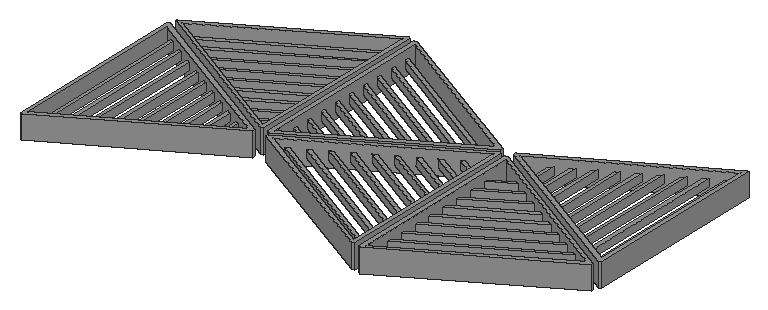
Revit family "CLD-FMD-004_RTV", category Modelos genéricos, Revit 2022 (continued)
Forms (in)
  Extrusion 309, solid, not visible
    sketch origin (-26.63338, 0.00149, -1.20924) x (0, 1, 0) y (0, 0, -1)
      loop
        line (0.96881, 1.14538) -> (0.96881, -1.85462) -> (0.65631, -1.85462) -> (0.65631, -2.35462) -> (0.96881, -2.35462) -> (3.48948, -2.35462) -> (3.48948, -0.60462) -> (4.19814, -0.60462) -> (4.19814, -2.35462) -> (9.23948, -2.35462) -> (9.23948, -0.60462) -> (9.94814, -0.60462) -> (9.94814, -2.35462) -> (14.98948, -2.35462) -> (14.98948, -0.60462) -> (15.69814, -0.60462) -> (15.69814, -2.35462) -> (20.73948, -2.35462) -> (20.73948, -0.60462) -> (21.44814, -0.60462) -> (21.44814, -2.35462) -> (24.28131, -2.35462) -> (24.28131, -1.85462) -> (23.96881, -1.85462) -> (23.96881, 1.14538) -> (0.96881, 1.14538)
    from -3.96341 to -3.49097
  Extrusion 310, solid, not visible
    sketch origin (-44, 0, 0) x (1, 0, 0) y (0, 0, 1)
      loop
        line (0.96881, 0.64538) -> (0.96881, -2.35462) -> (3.48948, -2.35462) -> (3.48948, -0.60462) -> (4.19814, -0.60462) -> (4.19814, -2.35462) -> (9.23948, -2.35462) -> (9.23948, -0.60462) -> (9.94814, -0.60462) -> (9.94814, -2.35462) -> (14.98948, -2.35462) -> (14.98948, -0.60462) -> (15.69814, -0.60462) -> (15.69814, -2.35462) -> (20.73948, -2.35462) -> (20.73948, -0.60462) -> (21.44814, -0.60462) -> (21.44814, -2.35462) -> (23.96881, -2.35462) -> (23.96881, 0.64538) -> (24.28131, 0.64538) -> (24.28131, 1.14538) -> (0.65631, 1.14538) -> (0.65631, 0.64538) -> (0.96881, 0.64538)
    from -3.60908 to -3.49097
  Extrusion 311, solid, not visible
    sketch origin (-44, 0, 0) x (1, 0, 0) y (0, 0, 1)
      loop
        line (0.96881, 0.64538) -> (0.96881, -2.35462) -> (3.48948, -2.35462) -> (3.48948, -0.60462) -> (4.19814, -0.60462) -> (4.19814, -2.35462) -> (9.23948, -2.35462) -> (9.23948, -0.60462) -> (9.94814, -0.60462) -> (9.94814, -2.35462) -> (14.98948, -2.35462) -> (14.98948, -0.60462) -> (15.69814, -0.60462) -> (15.69814, -2.35462) -> (20.73948, -2.35462) -> (20.73948, -0.60462) -> (21.44814, -0.60462) -> (21.44814, -2.35462) -> (23.96881, -2.35462) -> (23.96881, 0.64538) -> (24.28131, 0.64538) -> (24.28131, 1.14538) -> (0.65631, 1.14538) -> (0.65631, 0.64538) -> (0.96881, 0.64538)
    from -4.08152 to -3.60908
  Extrusion 312, solid, not visible
    sketch origin (-44, 0, 0) x (1, 0, 0) y (0, 0, 1)
      loop
        line (0.96881, 0.64538) -> (0.96881, -2.35462) -> (3.48948, -2.35462) -> (3.48948, -0.60462) -> (4.19814, -0.60462) -> (4.19814, -2.35462) -> (9.23948, -2.35462) -> (9.23948, -0.60462) -> (9.94814, -0.60462) -> (9.94814, -2.35462) -> (14.98948, -2.35462) -> (14.98948, -0.60462) -> (15.69814, -0.60462) -> (15.69814, -2.35462) -> (20.73948, -2.35462) -> (20.73948, -0.60462) -> (21.44814, -0.60462) -> (21.44814, -2.35462) -> (23.96881, -2.35462) -> (23.96881, 0.64538) -> (24.28131, 0.64538) -> (24.28131, 1.14538) -> (0.65631, 1.14538) -> (0.65631, 0.64538) -> (0.96881, 0.64538)
    from -4.19963 to -4.08152
  Extrusion 313, solid, not visible
    sketch origin (-44.00149, 0.00149, -1.20924) x (0, 1, 0) y (0, 0, -1)
      loop
        line (0.96881, 1.14538) -> (0.96881, -1.85462) -> (0.65631, -1.85462) -> (0.65631, -2.35462) -> (0.96881, -2.35462) -> (3.48948, -2.35462) -> (3.48948, -0.60462) -> (4.19814, -0.60462) -> (4.19814, -2.35462) -> (9.23948, -2.35462) -> (9.23948, -0.60462) -> (9.94814, -0.60462) -> (9.94814, -2.35462) -> (14.98948, -2.35462) -> (14.98948, -0.60462) -> (15.69814, -0.60462) -> (15.69814, -2.35462) -> (20.73948, -2.35462) -> (20.73948, -0.60462) -> (21.44814, -0.60462) -> (21.44814, -2.35462) -> (24.28131, -2.35462) -> (24.28131, -1.85462) -> (23.96881, -1.85462) -> (23.96881, 1.14538) -> (0.96881, 1.14538)
    from -3.60908 to -3.49097
  Extrusion 314, solid, not visible
    sketch origin (-43.88338, 0.00149, -1.20924) x (0, 1, 0) y (0, 0, -1)
      loop
        line (0.96881, 1.14538) -> (0.96881, -1.85462) -> (0.65631, -1.85462) -> (0.65631, -2.35462) -> (0.96881, -2.35462) -> (3.48948, -2.35462) -> (3.48948, -0.60462) -> (4.19814, -0.60462) -> (4.19814, -2.35462) -> (9.23948, -2.35462) -> (9.23948, -0.60462) -> (9.94814, -0.60462) -> (9.94814, -2.35462) -> (14.98948, -2.35462) -> (14.98948, -0.60462) -> (15.69814, -0.60462) -> (15.69814, -2.35462) -> (20.73948, -2.35462) -> (20.73948, -0.60462) -> (21.44814, -0.60462) -> (21.44814, -2.35462) -> (24.28131, -2.35462) -> (24.28131, -1.85462) -> (23.96881, -1.85462) -> (23.96881, 1.14538) -> (0.96881, 1.14538)
    from -3.96341 to -3.49097
  Extrusion 315, solid, not visible
    sketch origin (-44.00149, 0.00149, -1.20924) x (0, 1, 0) y (0, 0, -1)
      loop
        line (0.96881, 1.14538) -> (0.96881, -1.85462) -> (0.65631, -1.85462) -> (0.65631, -2.35462) -> (0.96881, -2.35462) -> (3.48948, -2.35462) -> (3.48948, -0.60462) -> (4.19814, -0.60462) -> (4.19814, -2.35462) -> (9.23948, -2.35462) -> (9.23948, -0.60462) -> (9.94814, -0.60462) -> (9.94814, -2.35462) -> (14.98948, -2.35462) -> (14.98948, -0.60462) -> (15.69814, -0.60462) -> (15.69814, -2.35462) -> (20.73948, -2.35462) -> (20.73948, -0.60462) -> (21.44814, -0.60462) -> (21.44814, -2.35462) -> (24.28131, -2.35462) -> (24.28131, -1.85462) -> (23.96881, -1.85462) -> (23.96881, 1.14538) -> (0.96881, 1.14538)
    from -4.19963 to -4.08152
  Extrusion 316, solid, not visible
    sketch origin (-44, 0, 0) x (1, 0, 0) y (0, 0, 1)
      loop
        line (0.96881, 0.64538) -> (0.96881, -2.35462) -> (3.48948, -2.35462) -> (3.48948, -0.60462) -> (4.19814, -0.60462) -> (4.19814, -2.35462) -> (9.23948, -2.35462) -> (9.23948, -0.60462) -> (9.94814, -0.60462) -> (9.94814, -2.35462) -> (14.98948, -2.35462) -> (14.98948, -0.60462) -> (15.69814, -0.60462) -> (15.69814, -2.35462) -> (20.73948, -2.35462) -> (20.73948, -0.60462) -> (21.44814, -0.60462) -> (21.44814, -2.35462) -> (23.96881, -2.35462) -> (23.96881, 0.64538) -> (24.28131, 0.64538) -> (24.28131, 1.14538) -> (0.65631, 1.14538) -> (0.65631, 0.64538) -> (0.96881, 0.64538)
    from -9.94963 to -9.83152
  Extrusion 317, solid, not visible
    sketch origin (-44, 0, 0) x (1, 0, 0) y (0, 0, 1)
      loop
        line (0.96881, 0.64538) -> (0.96881, -2.35462) -> (3.48948, -2.35462) -> (3.48948, -0.60462) -> (4.19814, -0.60462) -> (4.19814, -2.35462) -> (9.23948, -2.35462) -> (9.23948, -0.60462) -> (9.94814, -0.60462) -> (9.94814, -2.35462) -> (14.98948, -2.35462) -> (14.98948, -0.60462) -> (15.69814, -0.60462) -> (15.69814, -2.35462) -> (20.73948, -2.35462) -> (20.73948, -0.60462) -> (21.44814, -0.60462) -> (21.44814, -2.35462) -> (23.96881, -2.35462) -> (23.96881, 0.64538) -> (24.28131, 0.64538) -> (24.28131, 1.14538) -> (0.65631, 1.14538) -> (0.65631, 0.64538) -> (0.96881, 0.64538)
    from -9.35908 to -9.24097
  Extrusion 318, solid, not visible
    sketch origin (-44, 0, 0) x (1, 0, 0) y (0, 0, 1)
      loop
        line (0.96881, 0.64538) -> (0.96881, -2.35462) -> (3.48948, -2.35462) -> (3.48948, -0.60462) -> (4.19814, -0.60462) -> (4.19814, -2.35462) -> (9.23948, -2.35462) -> (9.23948, -0.60462) -> (9.94814, -0.60462) -> (9.94814, -2.35462) -> (14.98948, -2.35462) -> (14.98948, -0.60462) -> (15.69814, -0.60462) -> (15.69814, -2.35462) -> (20.73948, -2.35462) -> (20.73948, -0.60462) -> (21.44814, -0.60462) -> (21.44814, -2.35462) -> (23.96881, -2.35462) -> (23.96881, 0.64538) -> (24.28131, 0.64538) -> (24.28131, 1.14538) -> (0.65631, 1.14538) -> (0.65631, 0.64538) -> (0.96881, 0.64538)
    from -9.83152 to -9.35908
  Extrusion 319, solid, not visible
    sketch origin (-44, 0, 0) x (1, 0, 0) y (0, 0, 1)
      loop
        line (0.96881, 0.64538) -> (0.96881, -2.35462) -> (3.48948, -2.35462) -> (3.48948, -0.60462) -> (4.19814, -0.60462) -> (4.19814, -2.35462) -> (9.23948, -2.35462) -> (9.23948, -0.60462) -> (9.94814, -0.60462) -> (9.94814, -2.35462) -> (14.98948, -2.35462) -> (14.98948, -0.60462) -> (15.69814, -0.60462) -> (15.69814, -2.35462) -> (20.73948, -2.35462) -> (20.73948, -0.60462) -> (21.44814, -0.60462) -> (21.44814, -2.35462) -> (23.96881, -2.35462) -> (23.96881, 0.64538) -> (24.28131, 0.64538) -> (24.28131, 1.14538) -> (0.65631, 1.14538) -> (0.65631, 0.64538) -> (0.96881, 0.64538)
    from -15.69963 to -15.58152
  Extrusion 320, solid, not visible
    sketch origin (-44, 0, 0) x (1, 0, 0) y (0, 0, 1)
      loop
        line (0.96881, 0.64538) -> (0.96881, -2.35462) -> (3.48948, -2.35462) -> (3.48948, -0.60462) -> (4.19814, -0.60462) -> (4.19814, -2.35462) -> (9.23948, -2.35462) -> (9.23948, -0.60462) -> (9.94814, -0.60462) -> (9.94814, -2.35462) -> (14.98948, -2.35462) -> (14.98948, -0.60462) -> (15.69814, -0.60462) -> (15.69814, -2.35462) -> (20.73948, -2.35462) -> (20.73948, -0.60462) -> (21.44814, -0.60462) -> (21.44814, -2.35462) -> (23.96881, -2.35462) -> (23.96881, 0.64538) -> (24.28131, 0.64538) -> (24.28131, 1.14538) -> (0.65631, 1.14538) -> (0.65631, 0.64538) -> (0.96881, 0.64538)
    from -15.10908 to -14.99097
  Extrusion 321, solid, not visible
    sketch origin (-44, 0, 0) x (1, 0, 0) y (0, 0, 1)
      loop
        line (0.96881, 0.64538) -> (0.96881, -2.35462) -> (3.48948, -2.35462) -> (3.48948, -0.60462) -> (4.19814, -0.60462) -> (4.19814, -2.35462) -> (9.23948, -2.35462) -> (9.23948, -0.60462) -> (9.94814, -0.60462) -> (9.94814, -2.35462) -> (14.98948, -2.35462) -> (14.98948, -0.60462) -> (15.69814, -0.60462) -> (15.69814, -2.35462) -> (20.73948, -2.35462) -> (20.73948, -0.60462) -> (21.44814, -0.60462) -> (21.44814, -2.35462) -> (23.96881, -2.35462) -> (23.96881, 0.64538) -> (24.28131, 0.64538) -> (24.28131, 1.14538) -> (0.65631, 1.14538) -> (0.65631, 0.64538) -> (0.96881, 0.64538)
    from -15.58152 to -15.10908
  Extrusion 322, solid, not visible
    sketch origin (-44, 0, 0) x (1, 0, 0) y (0, 0, 1)
      loop
        line (0.96881, 0.64538) -> (0.96881, -2.35462) -> (3.48948, -2.35462) -> (3.48948, -0.60462) -> (4.19814, -0.60462) -> (4.19814, -2.35462) -> (9.23948, -2.35462) -> (9.23948, -0.60462) -> (9.94814, -0.60462) -> (9.94814, -2.35462) -> (14.98948, -2.35462) -> (14.98948, -0.60462) -> (15.69814, -0.60462) -> (15.69814, -2.35462) -> (20.73948, -2.35462) -> (20.73948, -0.60462) -> (21.44814, -0.60462) -> (21.44814, -2.35462) -> (23.96881, -2.35462) -> (23.96881, 0.64538) -> (24.28131, 0.64538) -> (24.28131, 1.14538) -> (0.65631, 1.14538) -> (0.65631, 0.64538) -> (0.96881, 0.64538)
    from -21.44963 to -21.33152
  Extrusion 323, solid, not visible
    sketch origin (-44, 0, 0) x (1, 0, 0) y (0, 0, 1)
      loop
        line (0.96881, 0.64538) -> (0.96881, -2.35462) -> (3.48948, -2.35462) -> (3.48948, -0.60462) -> (4.19814, -0.60462) -> (4.19814, -2.35462) -> (9.23948, -2.35462) -> (9.23948, -0.60462) -> (9.94814, -0.60462) -> (9.94814, -2.35462) -> (14.98948, -2.35462) -> (14.98948, -0.60462) -> (15.69814, -0.60462) -> (15.69814, -2.35462) -> (20.73948, -2.35462) -> (20.73948, -0.60462) -> (21.44814, -0.60462) -> (21.44814, -2.35462) -> (23.96881, -2.35462) -> (23.96881, 0.64538) -> (24.28131, 0.64538) -> (24.28131, 1.14538) -> (0.65631, 1.14538) -> (0.65631, 0.64538) -> (0.96881, 0.64538)
    from -20.85908 to -20.74097
  Extrusion 324, solid, not visible
    sketch origin (-44, 0, 0) x (1, 0, 0) y (0, 0, 1)
      loop
        line (0.96881, 0.64538) -> (0.96881, -2.35462) -> (3.48948, -2.35462) -> (3.48948, -0.60462) -> (4.19814, -0.60462) -> (4.19814, -2.35462) -> (9.23948, -2.35462) -> (9.23948, -0.60462) -> (9.94814, -0.60462) -> (9.94814, -2.35462) -> (14.98948, -2.35462) -> (14.98948, -0.60462) -> (15.69814, -0.60462) -> (15.69814, -2.35462) -> (20.73948, -2.35462) -> (20.73948, -0.60462) -> (21.44814, -0.60462) -> (21.44814, -2.35462) -> (23.96881, -2.35462) -> (23.96881, 0.64538) -> (24.28131, 0.64538) -> (24.28131, 1.14538) -> (0.65631, 1.14538) -> (0.65631, 0.64538) -> (0.96881, 0.64538)
    from -21.33152 to -20.85908
  Extrusion 325, solid, not visible
    sketch origin (-38.25149, 0.00149, -1.20924) x (0, 1, 0) y (0, 0, -1)
      loop
        line (0.96881, 1.14538) -> (0.96881, -1.85462) -> (0.65631, -1.85462) -> (0.65631, -2.35462) -> (0.96881, -2.35462) -> (3.48948, -2.35462) -> (3.48948, -0.60462) -> (4.19814, -0.60462) -> (4.19814, -2.35462) -> (9.23948, -2.35462) -> (9.23948, -0.60462) -> (9.94814, -0.60462) -> (9.94814, -2.35462) -> (14.98948, -2.35462) -> (14.98948, -0.60462) -> (15.69814, -0.60462) -> (15.69814, -2.35462) -> (20.73948, -2.35462) -> (20.73948, -0.60462) -> (21.44814, -0.60462) -> (21.44814, -2.35462) -> (24.28131, -2.35462) -> (24.28131, -1.85462) -> (23.96881, -1.85462) -> (23.96881, 1.14538) -> (0.96881, 1.14538)
    from -4.19963 to -4.08152
  Extrusion 326, solid, not visible
    sketch origin (-38.84204, 0.00149, -1.20924) x (0, 1, 0) y (0, 0, -1)
      loop
        line (0.96881, 1.14538) -> (0.96881, -1.85462) -> (0.65631, -1.85462) -> (0.65631, -2.35462) -> (0.96881, -2.35462) -> (3.48948, -2.35462) -> (3.48948, -0.60462) -> (4.19814, -0.60462) -> (4.19814, -2.35462) -> (9.23948, -2.35462) -> (9.23948, -0.60462) -> (9.94814, -0.60462) -> (9.94814, -2.35462) -> (14.98948, -2.35462) -> (14.98948, -0.60462) -> (15.69814, -0.60462) -> (15.69814, -2.35462) -> (20.73948, -2.35462) -> (20.73948, -0.60462) -> (21.44814, -0.60462) -> (21.44814, -2.35462) -> (24.28131, -2.35462) -> (24.28131, -1.85462) -> (23.96881, -1.85462) -> (23.96881, 1.14538) -> (0.96881, 1.14538)
    from -4.19963 to -4.08152
  Extrusion 327, solid, not visible
    sketch origin (-32.50149, 0.00149, -1.20924) x (0, 1, 0) y (0, 0, -1)
      loop
        line (0.96881, 1.14538) -> (0.96881, -1.85462) -> (0.65631, -1.85462) -> (0.65631, -2.35462) -> (0.96881, -2.35462) -> (3.48948, -2.35462) -> (3.48948, -0.60462) -> (4.19814, -0.60462) -> (4.19814, -2.35462) -> (9.23948, -2.35462) -> (9.23948, -0.60462) -> (9.94814, -0.60462) -> (9.94814, -2.35462) -> (14.98948, -2.35462) -> (14.98948, -0.60462) -> (15.69814, -0.60462) -> (15.69814, -2.35462) -> (20.73948, -2.35462) -> (20.73948, -0.60462) -> (21.44814, -0.60462) -> (21.44814, -2.35462) -> (24.28131, -2.35462) -> (24.28131, -1.85462) -> (23.96881, -1.85462) -> (23.96881, 1.14538) -> (0.96881, 1.14538)
    from -4.19963 to -4.08152
  Extrusion 328, solid, not visible
    sketch origin (-33.09204, 0.00149, -1.20924) x (0, 1, 0) y (0, 0, -1)
      loop
        line (0.96881, 1.14538) -> (0.96881, -1.85462) -> (0.65631, -1.85462) -> (0.65631, -2.35462) -> (0.96881, -2.35462) -> (3.48948, -2.35462) -> (3.48948, -0.60462) -> (4.19814, -0.60462) -> (4.19814, -2.35462) -> (9.23948, -2.35462) -> (9.23948, -0.60462) -> (9.94814, -0.60462) -> (9.94814, -2.35462) -> (14.98948, -2.35462) -> (14.98948, -0.60462) -> (15.69814, -0.60462) -> (15.69814, -2.35462) -> (20.73948, -2.35462) -> (20.73948, -0.60462) -> (21.44814, -0.60462) -> (21.44814, -2.35462) -> (24.28131, -2.35462) -> (24.28131, -1.85462) -> (23.96881, -1.85462) -> (23.96881, 1.14538) -> (0.96881, 1.14538)
    from -4.19963 to -4.08152
  Extrusion 329, solid, not visible
    sketch origin (-27.34204, 0.00149, -1.20924) x (0, 1, 0) y (0, 0, -1)
      loop
        line (0.96881, 1.14538) -> (0.96881, -1.85462) -> (0.65631, -1.85462) -> (0.65631, -2.35462) -> (0.96881, -2.35462) -> (3.48948, -2.35462) -> (3.48948, -0.60462) -> (4.19814, -0.60462) -> (4.19814, -2.35462) -> (9.23948, -2.35462) -> (9.23948, -0.60462) -> (9.94814, -0.60462) -> (9.94814, -2.35462) -> (14.98948, -2.35462) -> (14.98948, -0.60462) -> (15.69814, -0.60462) -> (15.69814, -2.35462) -> (20.73948, -2.35462) -> (20.73948, -0.60462) -> (21.44814, -0.60462) -> (21.44814, -2.35462) -> (24.28131, -2.35462) -> (24.28131, -1.85462) -> (23.96881, -1.85462) -> (23.96881, 1.14538) -> (0.96881, 1.14538)
    from -4.19963 to -4.08152
  Extrusion 330, solid, not visible
    sketch origin (-26.75149, 0.00149, -1.20924) x (0, 1, 0) y (0, 0, -1)
      loop
        line (0.96881, 1.14538) -> (0.96881, -1.85462) -> (0.65631, -1.85462) -> (0.65631, -2.35462) -> (0.96881, -2.35462) -> (3.48948, -2.35462) -> (3.48948, -0.60462) -> (4.19814, -0.60462) -> (4.19814, -2.35462) -> (9.23948, -2.35462) -> (9.23948, -0.60462) -> (9.94814, -0.60462) -> (9.94814, -2.35462) -> (14.98948, -2.35462) -> (14.98948, -0.60462) -> (15.69814, -0.60462) -> (15.69814, -2.35462) -> (20.73948, -2.35462) -> (20.73948, -0.60462) -> (21.44814, -0.60462) -> (21.44814, -2.35462) -> (24.28131, -2.35462) -> (24.28131, -1.85462) -> (23.96881, -1.85462) -> (23.96881, 1.14538) -> (0.96881, 1.14538)
    from -4.19963 to -4.08152
  Extrusion 331, solid, not visible
    sketch origin (-38.13338, 0.00149, -1.20924) x (0, 1, 0) y (0, 0, -1)
      loop
        line (0.96881, 1.14538) -> (0.96881, -1.85462) -> (0.65631, -1.85462) -> (0.65631, -2.35462) -> (0.96881, -2.35462) -> (3.48948, -2.35462) -> (3.48948, -0.60462) -> (4.19814, -0.60462) -> (4.19814, -2.35462) -> (9.23948, -2.35462) -> (9.23948, -0.60462) -> (9.94814, -0.60462) -> (9.94814, -2.35462) -> (14.98948, -2.35462) -> (14.98948, -0.60462) -> (15.69814, -0.60462) -> (15.69814, -2.35462) -> (20.73948, -2.35462) -> (20.73948, -0.60462) -> (21.44814, -0.60462) -> (21.44814, -2.35462) -> (24.28131, -2.35462) -> (24.28131, -1.85462) -> (23.96881, -1.85462) -> (23.96881, 1.14538) -> (0.96881, 1.14538)
    from -3.96341 to -3.49097
  Extrusion 332, solid, not visible
    sketch origin (-32.38338, 0.00149, -1.20924) x (0, 1, 0) y (0, 0, -1)
      loop
        line (0.96881, 1.14538) -> (0.96881, -1.85462) -> (0.65631, -1.85462) -> (0.65631, -2.35462) -> (0.96881, -2.35462) -> (3.48948, -2.35462) -> (3.48948, -0.60462) -> (4.19814, -0.60462) -> (4.19814, -2.35462) -> (9.23948, -2.35462) -> (9.23948, -0.60462) -> (9.94814, -0.60462) -> (9.94814, -2.35462) -> (14.98948, -2.35462) -> (14.98948, -0.60462) -> (15.69814, -0.60462) -> (15.69814, -2.35462) -> (20.73948, -2.35462) -> (20.73948, -0.60462) -> (21.44814, -0.60462) -> (21.44814, -2.35462) -> (24.28131, -2.35462) -> (24.28131, -1.85462) -> (23.96881, -1.85462) -> (23.96881, 1.14538) -> (0.96881, 1.14538)
    from -3.96341 to -3.49097
  Extrusion 333, solid, not visible
    sketch origin (-26.63338, 0.00149, -1.20924) x (0, 1, 0) y (0, 0, -1)
      loop
        line (0.96881, 1.14538) -> (0.96881, -1.85462) -> (0.65631, -1.85462) -> (0.65631, -2.35462) -> (0.96881, -2.35462) -> (3.48948, -2.35462) -> (3.48948, -0.60462) -> (4.19814, -0.60462) -> (4.19814, -2.35462) -> (9.23948, -2.35462) -> (9.23948, -0.60462) -> (9.94814, -0.60462) -> (9.94814, -2.35462) -> (14.98948, -2.35462) -> (14.98948, -0.60462) -> (15.69814, -0.60462) -> (15.69814, -2.35462) -> (20.73948, -2.35462) -> (20.73948, -0.60462) -> (21.44814, -0.60462) -> (21.44814, -2.35462) -> (24.28131, -2.35462) -> (24.28131, -1.85462) -> (23.96881, -1.85462) -> (23.96881, 1.14538) -> (0.96881, 1.14538)
    from -3.96341 to -3.49097
  Extrusion 334, solid, not visible
    sketch origin (0, 0, 0) x (1, 0, 0) y (0, 1, 0)
      loop
        line (0, 0.11811) -> (0, 0) -> (48, 0) -> (48, 0.11811) -> (0, 0.11811)
    from 0 to 108
  Extrusion 335, solid, not visible
    sketch origin (0, 0, 0) x (1, 0, 0) y (0, 1, 0)
      loop
        line (0, 0.59055) -> (0, 0.11811) -> (48, 0.11811) -> (48, 0.59055) -> (0, 0.59055)
    from 0 to 108
  Extrusion 336, solid, not visible
    sketch origin (20.06218, -10.5, 0) x (0.5, 0.866025, 0) y (-0.866025, 0.5, 0)
      loop
        line (26.12436, 24.24871) -> (1.87564, 24.24871) -> (0, 21) -> (12.12436, 0) -> (36.37307, 0) -> (38.24871, 3.24871) -> (26.12436, 24.24871)
      loop
        line (35.82754, 0.94488) -> (37.15766, 3.24871) -> (25.57883, 23.30383) -> (2.42117, 23.30383) -> (1.09106, 21) -> (12.66988, 0.94488) -> (35.82754, 0.94488)
    from 0 to 10
  Extrusion 337, solid, not visible
    sketch origin (18.18653, 13.74871, 0) x (-0.5, 0.866025, 0) y (-0.866025, -0.5, 0)
      loop
        line (26.12436, 24.24871) -> (1.87564, 24.24871) -> (0, 21) -> (12.12436, 0) -> (36.37307, 0) -> (38.24871, 3.24871) -> (26.12436, 24.24871)
      loop
        line (35.82754, 0.94488) -> (37.15766, 3.24871) -> (25.57883, 23.30383) -> (2.42117, 23.30383) -> (1.09106, 21) -> (12.66988, 0.94488) -> (35.82754, 0.94488)
    from 0 to 10
  Extrusion 338, solid, not visible
    sketch origin (-23.81347, -10.5, 0) x (-0.5, 0.866025, 0) y (-0.866025, -0.5, 0)
      loop
        line (26.12436, -24.24871) -> (38.24871, -3.24871) -> (36.37307, 0) -> (12.12436, 0) -> (0, -21) -> (1.87564, -24.24871) -> (26.12436, -24.24871)
      loop
        line (35.82754, -0.94488) -> (12.66988, -0.94488) -> (1.09106, -21) -> (2.42117, -23.30383) -> (25.57883, -23.30383) -> (37.15766, -3.24871) -> (35.82754, -0.94488)
    from 0 to 10
  Extrusion 339, solid, not visible
    sketch origin (20.06218, 10.5, 0) x (0.5, -0.866025, 0) y (0.866025, 0.5, 0)
      loop
        line (26.12436, -24.24871) -> (38.24871, -3.24871) -> (36.37307, 0) -> (12.12436, 0) -> (0, -21) -> (1.87564, -24.24871) -> (26.12436, -24.24871)
      loop
        line (35.82754, -0.94488) -> (12.66988, -0.94488) -> (1.09106, -21) -> (2.42117, -23.30383) -> (25.57883, -23.30383) -> (37.15766, -3.24871) -> (35.82754, -0.94488)
    from 0 to 10
  Extrusion 340, solid, not visible
    sketch origin (18.18653, -13.74871, 0) x (-0.5, -0.866025, 0) y (0.866025, -0.5, 0)
      loop
        line (26.12436, -24.24871) -> (38.24871, -3.24871) -> (36.37307, 0) -> (12.12436, 0) -> (0, -21) -> (1.87564, -24.24871) -> (26.12436, -24.24871)
      loop
        line (35.82754, -0.94488) -> (12.66988, -0.94488) -> (1.09106, -21) -> (2.42117, -23.30383) -> (25.57883, -23.30383) -> (37.15766, -3.24871) -> (35.82754, -0.94488)
    from 0 to 10
  Extrusion 341, solid, not visible
    sketch origin (-23.81347, 10.5, 0) x (-0.5, -0.866025, 0) y (0.866025, -0.5, 0)
      loop
        line (26.12436, 24.24871) -> (1.87564, 24.24871) -> (0, 21) -> (12.12436, 0) -> (36.37307, 0) -> (38.24871, 3.24871) -> (26.12436, 24.24871)
      loop
        line (35.82754, 0.94488) -> (37.15766, 3.24871) -> (25.57883, 23.30383) -> (2.42117, 23.30383) -> (1.09106, 21) -> (12.66988, 0.94488) -> (35.82754, 0.94488)
    from 0 to 10
  Extrusion 342, solid, not visible
    sketch origin (-21.93782, 13.74871, 0) x (0.5, 0.866025, 0) y (-0.866025, 0.5, 0)
      loop
        line (26.12436, 24.24871) -> (1.87564, 24.24871) -> (0, 21) -> (12.12436, 0) -> (36.37307, 0) -> (38.24871, 3.24871) -> (26.12436, 24.24871)
      loop
        line (35.82754, 0.94488) -> (37.15766, 3.24871) -> (25.57883, 23.30383) -> (2.42117, 23.30383) -> (1.09106, 21) -> (12.66988, 0.94488) -> (35.82754, 0.94488)
    from 0 to 10
  Extrusion 343, solid, not visible
    sketch origin (-21.94005, -13.75, 0) x (0.5, -0.866025, 0) y (0.866025, 0.5, 0)
      loop
        line (26.12436, -24.24871) -> (38.24871, -3.24871) -> (36.37307, 0) -> (12.12436, 0) -> (0, -21) -> (1.87564, -24.24871) -> (26.12436, -24.24871)
      loop
        line (35.82754, -0.94488) -> (12.66988, -0.94488) -> (1.09106, -21) -> (2.42117, -23.30383) -> (25.57883, -23.30383) -> (37.15766, -3.24871) -> (35.82754, -0.94488)
    from 0 to 10
  Extrusion 344, solid, not visible
    sketch origin (60.18877, 10.50129, 0) x (-0.5, -0.866025, 0) y (0.866025, -0.5, 0)
      loop
        line (26.12436, -24.24871) -> (38.24871, -3.24871) -> (36.37307, 0) -> (12.12436, 0) -> (0, -21) -> (1.87564, -24.24871) -> (26.12436, -24.24871)
      loop
        line (35.82754, -0.94488) -> (12.66988, -0.94488) -> (1.09106, -21) -> (2.42117, -23.30383) -> (25.57883, -23.30383) -> (37.15766, -3.24871) -> (35.82754, -0.94488)
    from 0 to 10
  Extrusion 345, solid
    sketch origin (2.34773, 43.78297, 0) x (0, -1, 0) y (1, 0, 0)
      loop
        line (1.38495, 0.94488) -> (46.11178, 0.94488) -> (23.74836, 39.67946) -> (1.38495, 0.94488)
      loop
        line (47.17101, 0) -> (47.45969, 0.5) -> (24.03704, 41.06922) -> (23.45969, 41.06922) -> (0.03704, 0.5) -> (0.32571, 0) -> (47.17101, 0)
    from 0 to 6
  Extrusion 346, solid
    sketch origin (2.34773, 43.78297, 0) x (0, -1, 0) y (1, 0, 0)
      loop
        line (2.47701, 2.83638) -> (45.01972, 2.83638) -> (44.51972, 3.70241) -> (2.97701, 3.70241) -> (2.47701, 2.83638)
    from 2.04823 to 4.04823
  Extrusion 347, solid
    sketch origin (6.21393, 43.78297, 0) x (0, -1, 0) y (1, 0, 0)
      loop
        line (4.70916, 2.83638) -> (42.78757, 2.83638) -> (42.28757, 3.70241) -> (5.20916, 3.70241) -> (4.70916, 2.83638)
    from 2.04823 to 4.04823
  Extrusion 348, solid
    sketch origin (10.08012, 43.78297, 0) x (0, -1, 0) y (1, 0, 0)
      loop
        line (6.94131, 2.83638) -> (40.55542, 2.83638) -> (40.05542, 3.70241) -> (7.44131, 3.70241) -> (6.94131, 2.83638)
    from 2.04823 to 4.04823
  Extrusion 349, solid
    sketch origin (13.94632, 43.78297, 0) x (0, -1, 0) y (1, 0, 0)
      loop
        line (9.17346, 2.83638) -> (38.32327, 2.83638) -> (37.82327, 3.70241) -> (9.67346, 3.70241) -> (9.17346, 2.83638)
    from 2.04823 to 4.04823
  Extrusion 350, solid
    sketch origin (17.81252, 43.78297, 0) x (0, -1, 0) y (1, 0, 0)
      loop
        line (11.40561, 2.83638) -> (36.09112, 2.83638) -> (35.59112, 3.70241) -> (11.90561, 3.70241) -> (11.40561, 2.83638)
    from 2.04823 to 4.04823
  Extrusion 351, solid
    sketch origin (21.67872, 43.78297, 0) x (0, -1, 0) y (1, 0, 0)
      loop
        line (13.63776, 2.83638) -> (33.85897, 2.83638) -> (33.35897, 3.70241) -> (14.13776, 3.70241) -> (13.63776, 2.83638)
    from 2.04823 to 4.04823
  Extrusion 352, solid
    sketch origin (25.54491, 43.78297, 0) x (0, -1, 0) y (1, 0, 0)
      loop
        line (15.86991, 2.83638) -> (31.62682, 2.83638) -> (31.12682, 3.70241) -> (16.36991, 3.70241) -> (15.86991, 2.83638)
    from 2.04823 to 4.04823
  Extrusion 353, solid
    sketch origin (29.41111, 43.78297, 0) x (0, -1, 0) y (1, 0, 0)
      loop
        line (18.10206, 2.83638) -> (29.39467, 2.83638) -> (28.89467, 3.70241) -> (18.60206, 3.70241) -> (18.10206, 2.83638)
    from 2.04823 to 4.04823
  Extrusion 354, solid
    sketch origin (33.27731, 43.78297, 0) x (0, -1, 0) y (1, 0, 0)
      loop
        line (20.33421, 2.83638) -> (27.16252, 2.83638) -> (26.66252, 3.70241) -> (20.83421, 3.70241) -> (20.33421, 2.83638)
    from 2.04823 to 4.04823
  Extrusion 355, solid, not visible
    sketch origin (0, 0, 0) x (1, 0, 0) y (0, 1, 0)
      loop
        line (1.38495, 0.94488) -> (46.11178, 0.94488) -> (23.74836, 39.67946) -> (1.38495, 0.94488)
      loop
        line (47.17101, 0) -> (47.45969, 0.5) -> (24.03704, 41.06922) -> (23.45969, 41.06922) -> (0.03704, 0.5) -> (0.32571, 0) -> (47.17101, 0)
    from 0 to 6
  Extrusion 356, solid, not visible
    sketch origin (0, 0, 0) x (1, 0, 0) y (0, 1, 0)
      loop
        line (2.47701, 2.83638) -> (45.01972, 2.83638) -> (44.51972, 3.70241) -> (2.97701, 3.70241) -> (2.47701, 2.83638)
    from 2.04823 to 4.04823
  Extrusion 357, solid, not visible
    sketch origin (0, 3.8662, 0) x (1, 0, 0) y (0, 1, 0)
      loop
        line (4.70916, 2.83638) -> (42.78757, 2.83638) -> (42.28757, 3.70241) -> (5.20916, 3.70241) -> (4.70916, 2.83638)
    from 2.04823 to 4.04823
  Extrusion 358, solid, not visible
    sketch origin (0, 7.73239, 0) x (1, 0, 0) y (0, 1, 0)
      loop
        line (6.94131, 2.83638) -> (40.55542, 2.83638) -> (40.05542, 3.70241) -> (7.44131, 3.70241) -> (6.94131, 2.83638)
    from 2.04823 to 4.04823
  Extrusion 359, solid, not visible
    sketch origin (0, 11.59859, 0) x (1, 0, 0) y (0, 1, 0)
      loop
        line (9.17346, 2.83638) -> (38.32327, 2.83638) -> (37.82327, 3.70241) -> (9.67346, 3.70241) -> (9.17346, 2.83638)
    from 2.04823 to 4.04823
  Extrusion 360, solid, not visible
    sketch origin (0, 15.46479, 0) x (1, 0, 0) y (0, 1, 0)
      loop
        line (11.40561, 2.83638) -> (36.09112, 2.83638) -> (35.59112, 3.70241) -> (11.90561, 3.70241) -> (11.40561, 2.83638)
    from 2.04823 to 4.04823
  Extrusion 361, solid, not visible
    sketch origin (0, 19.33099, 0) x (1, 0, 0) y (0, 1, 0)
      loop
        line (13.63776, 2.83638) -> (33.85897, 2.83638) -> (33.35897, 3.70241) -> (14.13776, 3.70241) -> (13.63776, 2.83638)
    from 2.04823 to 4.04823
  Extrusion 362, solid, not visible
    sketch origin (0, 23.19718, 0) x (1, 0, 0) y (0, 1, 0)
      loop
        line (15.86991, 2.83638) -> (31.62682, 2.83638) -> (31.12682, 3.70241) -> (16.36991, 3.70241) -> (15.86991, 2.83638)
    from 2.04823 to 4.04823
  Extrusion 363, solid, not visible
    sketch origin (0, 27.06338, 0) x (1, 0, 0) y (0, 1, 0)
      loop
        line (18.10206, 2.83638) -> (29.39467, 2.83638) -> (28.89467, 3.70241) -> (18.60206, 3.70241) -> (18.10206, 2.83638)
    from 2.04823 to 4.04823
  Extrusion 364, solid, not visible
    sketch origin (0, 30.92958, 0) x (1, 0, 0) y (0, 1, 0)
      loop
        line (20.33421, 2.83638) -> (27.16252, 2.83638) -> (26.66252, 3.70241) -> (20.83421, 3.70241) -> (20.33421, 2.83638)
    from 2.04823 to 4.04823
  Extrusion 365, solid
    sketch origin (44.06505, -26.47355, 0) x (-0.866025, 0.5, 0) y (-0.5, -0.866025, 0)
      loop
        line (47.74836, -81.24867) -> (70.11178, -42.5141) -> (25.38495, -42.5141) -> (47.74836, -81.24867)
      loop
        line (71.45969, -42.06922) -> (71.17101, -41.56922) -> (24.32571, -41.56922) -> (24.03704, -42.06922) -> (47.45969, -82.63844) -> (48.03704, -82.63844) -> (71.45969, -42.06922)
    from 0 to 6
  Extrusion 366, solid
    sketch origin (44.06505, -26.47355, 0) x (-0.866025, 0.5, 0) y (-0.5, -0.866025, 0)
      loop
        line (46.65631, -79.35717) -> (67.92766, -42.5141) -> (66.92766, -42.5141) -> (46.15631, -78.49115) -> (46.65631, -79.35717)
    from 2.04823 to 4.04823
  Extrusion 367, solid
    sketch origin (42.13195, -29.82177, 0) x (-0.866025, 0.5, 0) y (-0.5, -0.866025, 0)
      loop
        line (44.42416, -79.35717) -> (63.46336, -46.3803) -> (62.46336, -46.3803) -> (43.92416, -78.49115) -> (44.42416, -79.35717)
    from 2.04823 to 4.04823
  Extrusion 368, solid
    sketch origin (40.19885, -33.17, 0) x (-0.866025, 0.5, 0) y (-0.5, -0.866025, 0)
      loop
        line (42.19201, -79.35717) -> (58.99906, -50.2465) -> (57.99906, -50.2465) -> (41.69201, -78.49115) -> (42.19201, -79.35717)
    from 2.04823 to 4.04823
  Extrusion 369, solid
    sketch origin (38.26576, -36.51822, 0) x (-0.866025, 0.5, 0) y (-0.5, -0.866025, 0)
      loop
        line (39.95986, -79.35717) -> (54.53476, -54.11269) -> (53.53476, -54.11269) -> (39.45986, -78.49115) -> (39.95986, -79.35717)
    from 2.04823 to 4.04823
  Extrusion 370, solid
    sketch origin (36.33266, -39.86645, 0) x (-0.866025, 0.5, 0) y (-0.5, -0.866025, 0)
      loop
        line (37.72771, -79.35717) -> (50.07046, -57.97889) -> (49.07046, -57.97889) -> (37.22771, -78.49115) -> (37.72771, -79.35717)
    from 2.04823 to 4.04823
  Extrusion 371, solid
    sketch origin (34.39956, -43.21467, 0) x (-0.866025, 0.5, 0) y (-0.5, -0.866025, 0)
      loop
        line (35.49556, -79.35717) -> (45.60616, -61.84509) -> (44.60616, -61.84509) -> (34.99556, -78.49115) -> (35.49556, -79.35717)
    from 2.04823 to 4.04823
  Extrusion 372, solid
    sketch origin (32.46646, -46.5629, 0) x (-0.866025, 0.5, 0) y (-0.5, -0.866025, 0)
      loop
        line (33.26341, -79.35717) -> (41.14186, -65.71128) -> (40.14186, -65.71128) -> (32.76341, -78.49115) -> (33.26341, -79.35717)
    from 2.04823 to 4.04823
  Extrusion 373, solid
    sketch origin (30.53336, -49.91112, 0) x (-0.866025, 0.5, 0) y (-0.5, -0.866025, 0)
      loop
        line (31.03126, -79.35717) -> (36.67756, -69.57748) -> (35.67756, -69.57748) -> (30.53126, -78.49115) -> (31.03126, -79.35717)
    from 2.04823 to 4.04823
  Extrusion 374, solid
    sketch origin (28.60026, -53.25935, 0) x (-0.866025, 0.5, 0) y (-0.5, -0.866025, 0)
      loop
        line (28.79911, -79.35717) -> (32.21326, -73.44368) -> (31.21326, -73.44368) -> (28.29911, -78.49115) -> (28.79911, -79.35717)
    from 2.04823 to 4.04823
  Extrusion 375, solid
    sketch origin (4.07978, 44.78297, 0) x (0, -1, 0) y (1, 0, 0)
      loop
        line (-22.61505, 42.5141) -> (22.11178, 42.5141) -> (-0.25164, 81.24867) -> (-22.61505, 42.5141)
      loop
        line (-0.54031, 82.63844) -> (-23.96296, 42.06922) -> (-23.67429, 41.56922) -> (23.17101, 41.56922) -> (23.45969, 42.06922) -> (0.03704, 82.63844) -> (-0.54031, 82.63844)
    from 0 to 6
  Extrusion 376, solid
    sketch origin (4.07978, 44.78297, 0) x (0, -1, 0) y (1, 0, 0)
      loop
        line (-20.43094, 42.5141) -> (-19.43094, 42.5141) -> (1.34042, 78.49115) -> (0.84042, 79.35717) -> (-20.43094, 42.5141)
    from 2.04823 to 4.04823
  Extrusion 377, solid
    sketch origin (7.94598, 44.78297, 0) x (0, -1, 0) y (1, 0, 0)
      loop
        line (-15.96664, 38.6479) -> (-14.96664, 38.6479) -> (3.57257, 70.75875) -> (3.07257, 71.62478) -> (-15.96664, 38.6479)
    from 2.04823 to 4.04823
  Extrusion 378, solid
    sketch origin (11.81217, 44.78297, 0) x (0, -1, 0) y (1, 0, 0)
      loop
        line (-11.50234, 34.78171) -> (-10.50234, 34.78171) -> (5.80472, 63.02636) -> (5.30472, 63.89239) -> (-11.50234, 34.78171)
    from 2.04823 to 4.04823
  Extrusion 379, solid
    sketch origin (15.67837, 44.78297, 0) x (0, -1, 0) y (1, 0, 0)
      loop
        line (-7.03804, 30.91551) -> (-6.03804, 30.91551) -> (8.03687, 55.29397) -> (7.53687, 56.15999) -> (-7.03804, 30.91551)
    from 2.04823 to 4.04823
  Extrusion 380, solid
    sketch origin (19.54457, 44.78297, 0) x (0, -1, 0) y (1, 0, 0)
      loop
        line (-2.57374, 27.04931) -> (-1.57374, 27.04931) -> (10.26902, 47.56157) -> (9.76902, 48.4276) -> (-2.57374, 27.04931)
    from 2.04823 to 4.04823
  Extrusion 381, solid
    sketch origin (23.41077, 44.78297, 0) x (0, -1, 0) y (1, 0, 0)
      loop
        line (1.89056, 23.18312) -> (2.89056, 23.18312) -> (12.50117, 39.82918) -> (12.00117, 40.6952) -> (1.89056, 23.18312)
    from 2.04823 to 4.04823
  Extrusion 382, solid
    sketch origin (27.27696, 44.78297, 0) x (0, -1, 0) y (1, 0, 0)
      loop
        line (6.35486, 19.31692) -> (7.35486, 19.31692) -> (14.73332, 32.09678) -> (14.23332, 32.96281) -> (6.35486, 19.31692)
    from 2.04823 to 4.04823
  Extrusion 383, solid
    sketch origin (31.14316, 44.78297, 0) x (0, -1, 0) y (1, 0, 0)
      loop
        line (10.81916, 15.45072) -> (11.81916, 15.45072) -> (16.96547, 24.36439) -> (16.46547, 25.23041) -> (10.81916, 15.45072)
    from 2.04823 to 4.04823
  Extrusion 384, solid
    sketch origin (35.00936, 44.78297, 0) x (0, -1, 0) y (1, 0, 0)
      loop
        line (15.28346, 11.58452) -> (16.28346, 11.58452) -> (19.19762, 16.63199) -> (18.69762, 17.49802) -> (15.28346, 11.58452)
    from 2.04823 to 4.04823
  Extrusion 385, solid
    sketch origin (46.149, 67.91695, 0) x (0, -1, 0) y (1, 0, 0)
      loop
        line (70.11178, 40.62434) -> (25.38495, 40.62434) -> (47.74836, 1.88976) -> (70.11178, 40.62434)
      loop
        line (48.03704, 0.5) -> (71.45969, 41.06922) -> (71.17101, 41.56922) -> (24.32571, 41.56922) -> (24.03704, 41.06922) -> (47.45969, 0.5) -> (48.03704, 0.5)
    from 0 to 6
  Extrusion 386, solid
    sketch origin (46.149, 67.91695, 0) x (0, -1, 0) y (1, 0, 0)
      loop
        line (67.92766, 40.62434) -> (66.92766, 40.62434) -> (46.15631, 4.64729) -> (46.65631, 3.78126) -> (67.92766, 40.62434)
    from 2.04823 to 4.04823
  Extrusion 387, solid
    sketch origin (50.0152, 67.91695, 0) x (0, -1, 0) y (1, 0, 0)
      loop
        line (63.46336, 36.75814) -> (62.46336, 36.75814) -> (43.92416, 4.64729) -> (44.42416, 3.78126) -> (63.46336, 36.75814)
    from 2.04823 to 4.04823
  Extrusion 388, solid
    sketch origin (53.88139, 67.91695, 0) x (0, -1, 0) y (1, 0, 0)
      loop
        line (58.99906, 32.89194) -> (57.99906, 32.89194) -> (41.69201, 4.64729) -> (42.19201, 3.78126) -> (58.99906, 32.89194)
    from 2.04823 to 4.04823
  Extrusion 389, solid
    sketch origin (57.74759, 67.91695, 0) x (0, -1, 0) y (1, 0, 0)
      loop
        line (54.53476, 29.02575) -> (53.53476, 29.02575) -> (39.45986, 4.64729) -> (39.95986, 3.78126) -> (54.53476, 29.02575)
    from 2.04823 to 4.04823
  Extrusion 390, solid
    sketch origin (61.61379, 67.91695, 0) x (0, -1, 0) y (1, 0, 0)
      loop
        line (50.07046, 25.15955) -> (49.07046, 25.15955) -> (37.22771, 4.64729) -> (37.72771, 3.78126) -> (50.07046, 25.15955)
    from 2.04823 to 4.04823
  Extrusion 391, solid
    sketch origin (65.47999, 67.91695, 0) x (0, -1, 0) y (1, 0, 0)
      loop
        line (45.60616, 21.29335) -> (44.60616, 21.29335) -> (34.99556, 4.64729) -> (35.49556, 3.78126) -> (45.60616, 21.29335)
    from 2.04823 to 4.04823
  Extrusion 392, solid
    sketch origin (69.34618, 67.91695, 0) x (0, -1, 0) y (1, 0, 0)
      loop
        line (41.14186, 17.42715) -> (40.14186, 17.42715) -> (32.76341, 4.64729) -> (33.26341, 3.78126) -> (41.14186, 17.42715)
    from 2.04823 to 4.04823
  Extrusion 393, solid
    sketch origin (73.21238, 67.91695, 0) x (0, -1, 0) y (1, 0, 0)
      loop
        line (36.67756, 13.56096) -> (35.67756, 13.56096) -> (30.53126, 4.64729) -> (31.03126, 3.78126) -> (36.67756, 13.56096)
    from 2.04823 to 4.04823
  Extrusion 394, solid
    sketch origin (77.07858, 67.91695, 0) x (0, -1, 0) y (1, 0, 0)
      loop
        line (32.21326, 9.69476) -> (31.21326, 9.69476) -> (28.29911, 4.64729) -> (28.79911, 3.78126) -> (32.21326, 9.69476)
    from 2.04823 to 4.04823
  Extrusion 395, solid
    sketch origin (87.86632, -2.33957, 0) x (-0.866025, 0.5, 0) y (-0.5, -0.866025, 0)
      loop
        line (-24.3471, -39.62434) -> (20.37973, -39.62434) -> (-1.98369, -0.88976) -> (-24.3471, -39.62434)
      loop
        line (-2.27236, 0.5) -> (-25.69501, -40.06922) -> (-25.40634, -40.56922) -> (21.43896, -40.56922) -> (21.72764, -40.06922) -> (-1.69501, 0.5) -> (-2.27236, 0.5)
    from 0 to 6
  Extrusion 396, solid
    sketch origin (87.86632, -2.33957, 0) x (-0.866025, 0.5, 0) y (-0.5, -0.866025, 0)
      loop
        line (-22.16299, -39.62434) -> (-21.16299, -39.62434) -> (-0.39163, -3.64729) -> (-0.89163, -2.78126) -> (-22.16299, -39.62434)
    from 2.04823 to 4.04823
  Extrusion 397, solid
    sketch origin (85.93322, -5.6878, 0) x (-0.866025, 0.5, 0) y (-0.5, -0.866025, 0)
      loop
        line (-17.69869, -43.49053) -> (-16.69869, -43.49053) -> (1.84052, -11.37968) -> (1.34052, -10.51366) -> (-17.69869, -43.49053)
    from 2.04823 to 4.04823
  Extrusion 398, solid
    sketch origin (84.00012, -9.03602, 0) x (-0.866025, 0.5, 0) y (-0.5, -0.866025, 0)
      loop
        line (-13.23439, -47.35673) -> (-12.23439, -47.35673) -> (4.07267, -19.11208) -> (3.57267, -18.24605) -> (-13.23439, -47.35673)
    from 2.04823 to 4.04823
  Extrusion 399, solid
    sketch origin (82.06703, -12.38425, 0) x (-0.866025, 0.5, 0) y (-0.5, -0.866025, 0)
      loop
        line (-8.77009, -51.22293) -> (-7.77009, -51.22293) -> (6.30482, -26.84447) -> (5.80482, -25.97845) -> (-8.77009, -51.22293)
    from 2.04823 to 4.04823
  Extrusion 400, solid
    sketch origin (80.13393, -15.73247, 0) x (-0.866025, 0.5, 0) y (-0.5, -0.866025, 0)
      loop
        line (-4.30579, -55.08913) -> (-3.30579, -55.08913) -> (8.53697, -34.57687) -> (8.03697, -33.71084) -> (-4.30579, -55.08913)
    from 2.04823 to 4.04823
  Extrusion 401, solid
    sketch origin (78.20083, -19.0807, 0) x (-0.866025, 0.5, 0) y (-0.5, -0.866025, 0)
      loop
        line (0.15851, -58.95532) -> (1.15851, -58.95532) -> (10.76912, -42.30926) -> (10.26912, -41.44324) -> (0.15851, -58.95532)
    from 2.04823 to 4.04823
  Extrusion 402, solid
    sketch origin (76.26773, -22.42892, 0) x (-0.866025, 0.5, 0) y (-0.5, -0.866025, 0)
      loop
        line (4.62281, -62.82152) -> (5.62281, -62.82152) -> (13.00127, -50.04166) -> (12.50127, -49.17563) -> (4.62281, -62.82152)
    from 2.04823 to 4.04823
  Extrusion 403, solid
    sketch origin (74.33463, -25.77715, 0) x (-0.866025, 0.5, 0) y (-0.5, -0.866025, 0)
      loop
        line (9.08711, -66.68772) -> (10.08711, -66.68772) -> (15.23342, -57.77405) -> (14.73342, -56.90803) -> (9.08711, -66.68772)
    from 2.04823 to 4.04823
  Extrusion 404, solid
    sketch origin (72.40153, -29.12537, 0) x (-0.866025, 0.5, 0) y (-0.5, -0.866025, 0)
      loop
        line (13.55141, -70.55392) -> (14.55141, -70.55392) -> (17.46557, -65.50645) -> (16.96557, -64.64042) -> (13.55141, -70.55392)
    from 2.04823 to 4.04823
  Extrusion 405, solid
    sketch origin (47.88105, 68.91695, 0) x (0, -1, 0) y (1, 0, 0)
      loop
        line (46.11178, 82.19356) -> (1.38495, 82.19356) -> (23.74836, 43.45898) -> (46.11178, 82.19356)
      loop
        line (0.32571, 83.13844) -> (0.03704, 82.63844) -> (23.45969, 42.06922) -> (24.03704, 42.06922) -> (47.45969, 82.63844) -> (47.17101, 83.13844) -> (0.32571, 83.13844)
    from 0 to 6
  Extrusion 406, solid
    sketch origin (47.88105, 68.91695, 0) x (0, -1, 0) y (1, 0, 0)
      loop
        line (45.01972, 80.30206) -> (2.47701, 80.30206) -> (2.97701, 79.43603) -> (44.51972, 79.43603) -> (45.01972, 80.30206)
    from 2.04823 to 4.04823
  Extrusion 407, solid
    sketch origin (51.74725, 68.91695, 0) x (0, -1, 0) y (1, 0, 0)
      loop
        line (42.78757, 72.56966) -> (4.70916, 72.56966) -> (5.20916, 71.70364) -> (42.28757, 71.70364) -> (42.78757, 72.56966)
    from 2.04823 to 4.04823
  Extrusion 408, solid
    sketch origin (55.61344, 68.91695, 0) x (0, -1, 0) y (1, 0, 0)
      loop
        line (40.55542, 64.83727) -> (6.94131, 64.83727) -> (7.44131, 63.97124) -> (40.05542, 63.97124) -> (40.55542, 64.83727)
    from 2.04823 to 4.04823
  Extrusion 409, solid
    sketch origin (59.47964, 68.91695, 0) x (0, -1, 0) y (1, 0, 0)
      loop
        line (38.32327, 57.10487) -> (9.17346, 57.10487) -> (9.67346, 56.23885) -> (37.82327, 56.23885) -> (38.32327, 57.10487)
    from 2.04823 to 4.04823
  Extrusion 410, solid
    sketch origin (63.34584, 68.91695, 0) x (0, -1, 0) y (1, 0, 0)
      loop
        line (36.09112, 49.37248) -> (11.40561, 49.37248) -> (11.90561, 48.50645) -> (35.59112, 48.50645) -> (36.09112, 49.37248)
    from 2.04823 to 4.04823
  Extrusion 411, solid
    sketch origin (67.21204, 68.91695, 0) x (0, -1, 0) y (1, 0, 0)
      loop
        line (33.85897, 41.64008) -> (13.63776, 41.64008) -> (14.13776, 40.77406) -> (33.35897, 40.77406) -> (33.85897, 41.64008)
    from 2.04823 to 4.04823
  Extrusion 412, solid
    sketch origin (71.07823, 68.91695, 0) x (0, -1, 0) y (1, 0, 0)
      loop
        line (31.62682, 33.90769) -> (15.86991, 33.90769) -> (16.36991, 33.04166) -> (31.12682, 33.04166) -> (31.62682, 33.90769)
    from 2.04823 to 4.04823
  Extrusion 413, solid
    sketch origin (74.94443, 68.91695, 0) x (0, -1, 0) y (1, 0, 0)
      loop
        line (29.39467, 26.1753) -> (18.10206, 26.1753) -> (18.60206, 25.30927) -> (28.89467, 25.30927) -> (29.39467, 26.1753)
    from 2.04823 to 4.04823
  Extrusion 414, solid
    sketch origin (78.81063, 68.91695, 0) x (0, -1, 0) y (1, 0, 0)
      loop
        line (27.16252, 18.4429) -> (20.33421, 18.4429) -> (20.83421, 17.57688) -> (26.66252, 17.57688) -> (27.16252, 18.4429)
    from 2.04823 to 4.04823
Dimensions and locks (in)
  Extrusion 345 to Extrusion 345 = 47.42265"
  Extrusion 345 to Extrusion 345 = 41.06922"
  aligned and locked: level to plane 2
